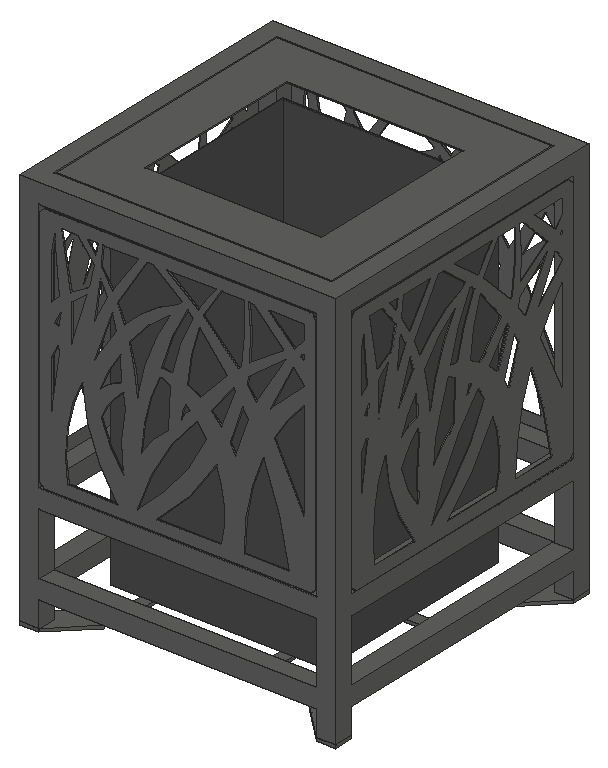
Revit family (continued)
Definition of nested family "Shell-Surface-SiteScapes-Square-TallGrass"
  Definition of nested family "Panel-SiteScapes-Tall_Grass_Detail"
    Automatic sketch dimensions
      Extrusion 1 sketch curve to Extrusion 1 sketch curve = 1' - 0.67668"
      Extrusion 1 sketch curve to Extrusion 1 sketch curve = 0' - 0.64151"
      Extrusion 1 sketch curve to Extrusion 1 sketch curve = 0' - 0.46361"
      Extrusion 1 sketch curve to Extrusion 1 sketch curve = 0' - 3.01927"
      Extrusion 1 sketch curve to Extrusion 1 sketch curve = 0' - 0.10942"
      Extrusion 1 sketch curve to Extrusion 1 sketch curve = 0' - 1.34837"
      level to Extrusion 1 sketch curve = 0' - 0.49367"
      Extrusion 1 sketch curve to Extrusion 1 sketch curve = 0' - 0.06407"
      plane 4 "Left" to Extrusion 1 sketch curve = 0' - 4.14131"
      Extrusion 1 sketch curve to plane 4 "Left" = 0' - 1.17914"
      Extrusion 1 sketch curve to Extrusion 1 sketch curve = 0' - 0.39988"
      Extrusion 1 sketch curve to Extrusion 1 sketch curve = 0' - 0.47821"
      level to Extrusion 1 sketch curve = 0' - 2.98012"
      Extrusion 1 sketch curve to Extrusion 1 sketch curve = 0' - 1.19067"
      Extrusion 1 sketch curve to Extrusion 1 sketch curve = 0' - 0.86173"
      Extrusion 1 sketch curve to plane 3 "Center (Left/Right)" = 0' - 3.51117"
      Extrusion 1 sketch curve to Extrusion 1 sketch curve = 0' - 0.6603"
      Extrusion 1 sketch curve to plane 3 "Center (Left/Right)" = 0' - 1.62"
      level to Extrusion 1 sketch curve = 0' - 4.65586"
      Extrusion 1 sketch curve to Extrusion 1 sketch curve = 0' - 0.51842"
      Extrusion 1 sketch curve to Extrusion 1 sketch curve = 0' - 2.60792"
      Extrusion 1 sketch curve to Extrusion 1 sketch curve = 0' - 0.08689"  (x2)
      Extrusion 1 sketch curve to plane 4 "Left" = 0' - 1.21508"
      Extrusion 1 sketch curve to Extrusion 1 sketch curve = 0' - 0.50379"
      Extrusion 1 sketch curve to Extrusion 1 sketch curve = 0' - 0.49276"
      Extrusion 1 sketch curve to Extrusion 1 sketch curve = 0' - 0.89144"
      Extrusion 1 sketch curve to Extrusion 1 sketch curve = 0' - 1.25968"
      Extrusion 1 sketch curve to Extrusion 1 sketch curve = 0' - 0.98717"
      Extrusion 1 sketch curve to Extrusion 1 sketch curve = 0' - 0.60924"
      Extrusion 1 sketch curve to Extrusion 1 sketch curve = 0' - 3.36379"
      Extrusion 1 sketch curve to Extrusion 1 sketch curve = 0' - 1.36127"
      Extrusion 1 sketch curve to Extrusion 1 sketch curve = 0' - 3.70352"
      plane 7 "Top" to Extrusion 1 sketch curve = 0' - 6.03521"
      Extrusion 1 sketch curve to Extrusion 1 sketch curve = 1' - 3.07911"
      Extrusion 1 sketch curve to Extrusion 1 sketch curve = 0' - 1.43928"
      Extrusion 1 sketch curve to Extrusion 1 sketch curve = 0' - 0.04809"
      Extrusion 1 sketch curve to Extrusion 1 sketch curve = 0' - 1.07829"
      Extrusion 1 sketch curve to Extrusion 1 sketch curve = 0' - 0.12207"
      Extrusion 1 sketch curve to Extrusion 1 sketch curve = 0' - 0.40819"
      Extrusion 1 sketch curve to Extrusion 1 sketch curve = 0' - 0.47075"
      Extrusion 1 sketch curve to Extrusion 1 sketch curve = 0' - 0.73745"
      Extrusion 1 sketch curve to Extrusion 1 sketch curve = 0' - 0.14668"
      Extrusion 1 sketch curve to Extrusion 1 sketch curve = 0' - 0.94217"
      Extrusion 1 sketch curve to Extrusion 1 sketch curve = 0' - 1.45268"
      Extrusion 1 sketch curve to Extrusion 1 sketch curve = 0' - 0.7433"
      plane 7 "Top" to Extrusion 1 sketch curve = 0' - 4.71825"
      Extrusion 1 sketch curve to Extrusion 1 sketch curve = 2' - 6.7751"
      Extrusion 1 sketch curve to Extrusion 1 sketch curve = 0' - 0.55878"
      Extrusion 1 sketch curve to Extrusion 1 sketch curve = 0' - 0.37694"
      Extrusion 1 sketch curve to plane 7 "Top" = 0' - 0.92437"  (x2)
      Extrusion 1 sketch curve to Extrusion 1 sketch curve = 0' - 2.86593"
      Extrusion 1 sketch curve to Extrusion 1 sketch curve = 0' - 0.88851"
      level to Extrusion 1 sketch curve = 0' - 0.5229"
      plane 5 "Right" to Extrusion 1 sketch curve = 0' - 9.24647"
      Extrusion 1 sketch curve to Extrusion 1 sketch curve = 0' - 0.56703"
      Extrusion 1 sketch curve to Extrusion 1 sketch curve = 0' - 0.46378"
      Extrusion 1 sketch curve to Extrusion 1 sketch curve = 0' - 0.37653"
      Extrusion 1 sketch curve to Extrusion 1 sketch curve = 0' - 1.68353"
      Extrusion 1 sketch curve to Extrusion 1 sketch curve = 0' - 0.63787"
      Extrusion 1 sketch curve to Extrusion 1 sketch curve = 0' - 1.82559"
      Extrusion 1 sketch curve to Extrusion 1 sketch curve = 0' - 0.35629"
      Extrusion 1 sketch curve to Extrusion 1 sketch curve = 0' - 0.36808"
      Extrusion 1 sketch curve to Extrusion 1 sketch curve = 0' - 2.57654"
      Extrusion 1 sketch curve to Extrusion 1 sketch curve = 0' - 3.56394"
      level to Extrusion 1 sketch curve = 0' - 3.46199"
      level to Extrusion 1 sketch curve = 0' - 4.33723"
      Extrusion 1 sketch curve to Extrusion 1 sketch curve = 0' - 0.46417"
      level to Extrusion 1 sketch curve = 0' - 0 15/16"  (x2)
      Extrusion 1 sketch curve to Extrusion 1 sketch curve = 0' - 1.85325"
      Extrusion 1 sketch curve to Extrusion 1 sketch curve = 0' - 0.99576"
      Extrusion 1 sketch curve to Extrusion 1 sketch curve = 0' - 3.98201"
      plane 3 "Center (Left/Right)" to Extrusion 1 sketch curve = 0' - 3.29568"
      Extrusion 1 sketch curve to plane 5 "Right" = 0' - 4.3951"
      level to Extrusion 1 sketch curve = 0' - 3.06278"
      Extrusion 1 sketch curve to Extrusion 1 sketch curve = 0' - 1.50985"
      Extrusion 1 sketch curve to Extrusion 1 sketch curve = 0' - 0.40914"
      Extrusion 1 sketch curve to Extrusion 1 sketch curve = 0' - 0.65635"
      Extrusion 1 sketch curve to Extrusion 1 sketch curve = 0' - 2.92215"
      plane 5 "Right" to Extrusion 1 sketch curve = 0' - 0.34526"
      Extrusion 1 sketch curve to Extrusion 1 sketch curve = 0' - 2 65/256"
      Extrusion 1 sketch curve to Extrusion 1 sketch curve = 0' - 1.23201"
      Extrusion 1 sketch curve to Extrusion 1 sketch curve = 0' - 0.80694"
      Extrusion 1 sketch curve to plane 3 "Center (Left/Right)" = 0' - 0.55453"
      Extrusion 1 sketch curve to Extrusion 1 sketch curve = 0' - 0.21137"
      Extrusion 1 sketch curve to Extrusion 1 sketch curve = 0' - 2.52769"
      Extrusion 1 sketch curve to Extrusion 1 sketch curve = 0' - 1.41485"
      Extrusion 1 sketch curve to Extrusion 1 sketch curve = 0' - 0.28387"
      Extrusion 1 sketch curve to Extrusion 1 sketch curve = 0' - 0.11825"
      Extrusion 1 sketch curve to Extrusion 1 sketch curve = 0' - 0.60498"
      Extrusion 1 sketch curve to Extrusion 1 sketch curve = 0' - 1.48066"
      Extrusion 1 sketch curve to Extrusion 1 sketch curve = 0' - 0.95279"
      Extrusion 1 sketch curve to Extrusion 1 sketch curve = 0' - 1.72369"
      Extrusion 1 sketch curve to Extrusion 1 sketch curve = 0' - 0.97032"
      Extrusion 1 sketch curve to Extrusion 1 sketch curve = 0' - 0.34959"
      Extrusion 1 sketch curve to plane 3 "Center (Left/Right)" = 0' - 0.46578"
      Extrusion 1 sketch curve to Extrusion 1 sketch curve = 0' - 0.83759"
      Extrusion 1 sketch curve to Extrusion 1 sketch curve = 0' - 1.30941"
      Extrusion 1 sketch curve to Extrusion 1 sketch curve = 0' - 0.1188"
      plane 4 "Left" to Extrusion 1 sketch curve = 0' - 4.04068"
      Extrusion 1 sketch curve to Extrusion 1 sketch curve = 0' - 1 133/256"
      plane 3 "Center (Left/Right)" to Extrusion 1 sketch curve = 0' - 1.53546"
      Extrusion 1 sketch curve to Extrusion 1 sketch curve = 0' - 0.75117"
      plane 5 "Right" to Extrusion 1 sketch curve = 0' - 5.05936"
      Extrusion 1 sketch curve to level = 0' - 4.94728"
      level to Extrusion 1 sketch curve = 0' - 1.11288"
      Extrusion 1 sketch curve to Extrusion 1 sketch curve = 0' - 1.09254"
      Extrusion 1 sketch curve to Extrusion 1 sketch curve = 0' - 1.0198"
      Extrusion 1 sketch curve to Extrusion 1 sketch curve = 0' - 0.68566"
      Extrusion 1 sketch curve to plane 3 "Center (Left/Right)" = 0' - 0.76329"
      Extrusion 1 sketch curve to plane 3 "Center (Left/Right)" = 0' - 0.60482"
      level to Extrusion 1 sketch curve = 0' - 0.10463"
      Extrusion 1 sketch curve to Extrusion 1 sketch curve = 0' - 1.78452"
      Extrusion 1 sketch curve to Extrusion 1 sketch curve = 0' - 1.58909"
      Extrusion 1 sketch curve to Extrusion 1 sketch curve = 0' - 0.87578"
      Extrusion 1 sketch curve to Extrusion 1 sketch curve = 0' - 1.81167"
      Extrusion 1 sketch curve to Extrusion 1 sketch curve = 0' - 0.78819"
      Extrusion 1 sketch curve to Extrusion 1 sketch curve = 0' - 0.43518"
      Extrusion 1 sketch curve to Extrusion 1 sketch curve = 0' - 0.25367"
      Extrusion 1 sketch curve to Extrusion 1 sketch curve = 0' - 0.27027"
      Extrusion 1 sketch curve to Extrusion 1 sketch curve = 0' - 0.85587"
      Extrusion 1 sketch curve to Extrusion 1 sketch curve = 0' - 0.03101"
      Extrusion 1 sketch curve to Extrusion 1 sketch curve = 0' - 1.5502"
      Extrusion 1 sketch curve to Extrusion 1 sketch curve = 0' - 0.78844"
      Extrusion 1 sketch curve to Extrusion 1 sketch curve = 0' - 1.63951"
      Extrusion 1 sketch curve to Extrusion 1 sketch curve = 0' - 0.03888"
      Extrusion 1 sketch curve to Extrusion 1 sketch curve = 0' - 0.17392"
      Extrusion 1 sketch curve to Extrusion 1 sketch curve = 0' - 0.22744"
      Extrusion 1 sketch curve to Extrusion 1 sketch curve = 0' - 0.50692"
      level to Extrusion 1 sketch curve = 0' - 1.24281"
      Extrusion 1 sketch curve to Extrusion 1 sketch curve = 0' - 2.35542"
      Extrusion 1 sketch curve to Extrusion 1 sketch curve = 0' - 0.83287"
      Extrusion 1 sketch curve to level = 0' - 2.49902"
      Extrusion 1 sketch curve to Extrusion 1 sketch curve = 0' - 0.06863"
      Extrusion 1 sketch curve to Extrusion 1 sketch curve = 0' - 1.09894"
      Extrusion 1 sketch curve to plane 5 "Right" = 0' - 0 15/16"  (x3)
      Extrusion 1 sketch curve to Extrusion 1 sketch curve = 0' - 0.00078"
      Extrusion 1 sketch curve to Extrusion 1 sketch curve = 0' - 2.8566"
      Extrusion 1 sketch curve to Extrusion 1 sketch curve = 0' - 0 1/32"
      Extrusion 1 sketch curve to Extrusion 1 sketch curve = 0' - 0.15736"
      Extrusion 1 sketch curve to Extrusion 1 sketch curve = 0' - 0.00837"
      Extrusion 1 sketch curve to Extrusion 1 sketch curve = 0' - 1.49485"
      Extrusion 1 sketch curve to Extrusion 1 sketch curve = 0' - 1.40211"
      Extrusion 1 sketch curve to Extrusion 1 sketch curve = 0' - 0.44585"
      level to Extrusion 1 sketch curve = 0' - 0.34943"
      Extrusion 1 sketch curve to Extrusion 1 sketch curve = 0' - 7.56431"
      Extrusion 1 sketch curve to Extrusion 1 sketch curve = 0' - 0.12817"
      Extrusion 1 sketch curve to Extrusion 1 sketch curve = 0' - 1.17731"
      Extrusion 1 sketch curve to Extrusion 1 sketch curve = 0' - 0.42691"
      Extrusion 1 sketch curve to Extrusion 1 sketch curve = 0' - 0.78661"
      Extrusion 1 sketch curve to Extrusion 1 sketch curve = 0' - 0.48063"
      Extrusion 1 sketch curve to Extrusion 1 sketch curve = 0' - 0.35633"
      Extrusion 1 sketch curve to Extrusion 1 sketch curve = 0' - 0.95454"
      Extrusion 1 sketch curve to Extrusion 1 sketch curve = 0' - 0.13944"
      Extrusion 1 sketch curve to Extrusion 1 sketch curve = 0' - 0.56763"
      Extrusion 1 sketch curve to Extrusion 1 sketch curve = 0' - 0.00184"
      Extrusion 1 sketch curve to Extrusion 1 sketch curve = 0' - 0.88402"
      Extrusion 1 sketch curve to Extrusion 1 sketch curve = 0' - 0.15644"
      Extrusion 1 sketch curve to Extrusion 1 sketch curve = 0' - 0.72152"
      Extrusion 1 sketch curve to level = 0' - 0.96245"
      plane 3 "Center (Left/Right)" to Extrusion 1 sketch curve = 0' - 0.75521"
      Extrusion 1 sketch curve to Extrusion 1 sketch curve = 0' - 0.86343"
      Extrusion 1 sketch curve to Extrusion 1 sketch curve = 0' - 0.47443"
      Extrusion 1 sketch curve to Extrusion 1 sketch curve = 0' - 0.60658"
      Extrusion 1 sketch curve to Extrusion 1 sketch curve = 0' - 3.00544"
      Extrusion 1 sketch curve to Extrusion 1 sketch curve = 0' - 0.63172"
      plane 3 "Center (Left/Right)" to Extrusion 1 sketch curve = 0' - 1.70903"
      Extrusion 1 sketch curve to Extrusion 1 sketch curve = 0' - 2.7049"
      Extrusion 1 sketch curve to Extrusion 1 sketch curve = 0' - 1.58794"
      plane 3 "Center (Left/Right)" to Extrusion 1 sketch curve = 0' - 0.27188"
      plane 3 "Center (Left/Right)" to Extrusion 1 sketch curve = 0' - 0.61261"
      Extrusion 1 sketch curve to Extrusion 1 sketch curve = 0' - 0.42506"
      Extrusion 1 sketch curve to Extrusion 1 sketch curve = 0' - 0.46845"
      Extrusion 1 sketch curve to Extrusion 1 sketch curve = 0' - 0.74638"
      Extrusion 1 sketch curve to Extrusion 1 sketch curve = 0' - 0.61688"
      Extrusion 1 sketch curve to Extrusion 1 sketch curve = 0' - 0.63154"
      Extrusion 1 sketch curve to Extrusion 1 sketch curve = 0' - 0.34569"
      Extrusion 1 sketch curve to plane 5 "Right" = 0' - 1.78474"
      Extrusion 1 sketch curve to Extrusion 1 sketch curve = 0' - 0.13108"
      Extrusion 1 sketch curve to plane 3 "Center (Left/Right)" = 0' - 0.4387"
      plane 3 "Center (Left/Right)" to Extrusion 1 sketch curve = 0' - 0.80127"
      Extrusion 1 sketch curve to Extrusion 1 sketch curve = 0' - 0.4354"
      Extrusion 1 sketch curve to Extrusion 1 sketch curve = 0' - 1.96723"
      Extrusion 1 sketch curve to Extrusion 1 sketch curve = 0' - 0.17368"
      Extrusion 1 sketch curve to Extrusion 1 sketch curve = 0' - 0.90696"
      Extrusion 1 sketch curve to Extrusion 1 sketch curve = 0' - 0.74524"
      Extrusion 1 sketch curve to Extrusion 1 sketch curve = 0' - 0.6008"
      plane 3 "Center (Left/Right)" to Extrusion 1 sketch curve = 0' - 0.09784"
      Extrusion 1 sketch curve to Extrusion 1 sketch curve = 0' - 0.56726"
      Extrusion 1 sketch curve to Extrusion 1 sketch curve = 0' - 0.43835"
      Extrusion 1 sketch curve to Extrusion 1 sketch curve = 0' - 0.66449"
      Extrusion 1 sketch curve to Extrusion 1 sketch curve = 0' - 0.62101"
      Extrusion 1 sketch curve to Extrusion 1 sketch curve = 0' - 0.0065"
      Extrusion 1 sketch curve to Extrusion 1 sketch curve = 0' - 0.01412"
      Extrusion 1 sketch curve to Extrusion 1 sketch curve = 0' - 0.47118"
      plane 3 "Center (Left/Right)" to Extrusion 1 sketch curve = 0' - 0.35379"
      Extrusion 1 sketch curve to plane 3 "Center (Left/Right)" = 0' - 0.8829"
      Extrusion 1 sketch curve to Extrusion 1 sketch curve = 0' - 0.41217"
      Extrusion 1 sketch curve to Extrusion 1 sketch curve = 0' - 1.43854"
      plane 5 "Right" to Extrusion 1 sketch curve = 0' - 0.71425"
      Extrusion 1 sketch curve to Extrusion 1 sketch curve = 0' - 0.32135"
      Extrusion 1 sketch curve to Extrusion 1 sketch curve = 0' - 0.37141"
      Extrusion 1 sketch curve to Extrusion 1 sketch curve = 0' - 0.86508"
      Extrusion 1 sketch curve to Extrusion 1 sketch curve = 0' - 1.61658"
      Extrusion 1 sketch curve to Extrusion 1 sketch curve = 0' - 0.26345"
      Extrusion 1 sketch curve to Extrusion 1 sketch curve = 0' - 0.77811"
      Extrusion 1 sketch curve to Extrusion 1 sketch curve = 0' - 1.79846"
      Extrusion 1 sketch curve to Extrusion 1 sketch curve = 0' - 0.21064"
      Extrusion 1 sketch curve to Extrusion 1 sketch curve = 0' - 0.17809"
      Extrusion 1 sketch curve to Extrusion 1 sketch curve = 0' - 0.00004"
      Extrusion 1 sketch curve to Extrusion 1 sketch curve = 0' - 0.33904"
      Extrusion 1 sketch curve to Extrusion 1 sketch curve = 0' - 0.70208"
      Extrusion 1 sketch curve to Extrusion 1 sketch curve = 0' - 0.33018"
      Extrusion 1 sketch curve to Extrusion 1 sketch curve = 0' - 0.56404"
      Extrusion 1 sketch curve to Extrusion 1 sketch curve = 0' - 0.9734"
      Extrusion 1 sketch curve to plane 5 "Right" = 0' - 2.5133"
      Extrusion 1 sketch curve to Extrusion 1 sketch curve = 0' - 1.85915"
      Extrusion 1 sketch curve to Extrusion 1 sketch curve = 0' - 4.07656"
      Extrusion 1 sketch curve to Extrusion 1 sketch curve = 0' - 1.12037"
      Extrusion 1 sketch curve to Extrusion 1 sketch curve = 0' - 0.85006"
      Extrusion 1 sketch curve to Extrusion 1 sketch curve = 0' - 7.33588"
      Extrusion 1 sketch curve to Extrusion 1 sketch curve = 0' - 0.46263"
      Extrusion 1 sketch curve to Extrusion 1 sketch curve = 0' - 0.82228"
      Extrusion 1 sketch curve to Extrusion 1 sketch curve = 0' - 0.07526"
      Extrusion 1 sketch curve to Extrusion 1 sketch curve = 0' - 0.33703"
      Extrusion 1 sketch curve to Extrusion 1 sketch curve = 0' - 0.17638"
      Extrusion 1 sketch curve to Extrusion 1 sketch curve = 0' - 0.13707"
      Extrusion 1 sketch curve to level = 0' - 1.48805"
      Extrusion 1 sketch curve to Extrusion 1 sketch curve = 0' - 8.788"
      Extrusion 1 sketch curve to Extrusion 1 sketch curve = 0' - 0.46147"
      Extrusion 1 sketch curve to Extrusion 1 sketch curve = 0' - 0.70544"
      Extrusion 1 sketch curve to Extrusion 1 sketch curve = 0' - 0.09824"
      Extrusion 1 sketch curve to Extrusion 1 sketch curve = 0' - 0.26011"
      Extrusion 1 sketch curve to Extrusion 1 sketch curve = 0' - 0.84923"
      Extrusion 1 sketch curve to Extrusion 1 sketch curve = 0' - 0.63408"
      Extrusion 1 sketch curve to Extrusion 1 sketch curve = 0' - 0.74818"
      Extrusion 1 sketch curve to Extrusion 1 sketch curve = 0' - 1.11315"
      Extrusion 1 sketch curve to Extrusion 1 sketch curve = 0' - 0.46984"
      Extrusion 1 sketch curve to level = 0' - 0.52471"
      Extrusion 1 sketch curve to Extrusion 1 sketch curve = 0' - 1.21626"
      Extrusion 1 sketch curve to Extrusion 1 sketch curve = 0' - 0.05732"
      plane 4 "Left" to curve 19 = 0' - 0"
      curve 3 to plane 7 "Top" = 0' - 0"
      curve 8 to level = 0' - 0"
      curve 10 to plane 5 "Right" = 0' - 0"
      plane 4 "Left" to curve 13 = 0' - 3.80453"
      plane 4 "Left" to curve 12 = 0' - 5.35592"
      curve 9 to curve 12 = 0' - 0.76055"
      level to curve 22 = 0' - 5.09629"
      plane 7 "Top" to curve 19 = 0' - 1.53645"
      curve 26 to plane 4 "Left" = 0' - 0.13347"
      curve 26 to plane 4 "Left" = 0' - 0.26509"
      curve 3 to plane 4 "Left" = 0' - 0 3/8"
      curve 8 to plane 4 "Left" = 0' - 0 3/8"
      curve 2 to curve 24 = 0' - 0.73937"
      curve 24 to plane 4 "Left" = 0' - 1.11437"
      curve 26 to plane 4 "Left" = 0' - 2.26935"
      curve 24 to curve 22 = 0' - 1.27243"
      curve 26 to curve 23 = 0' - 1.31999"
      curve 26 to curve 20 = 0' - 1.70419"
      curve 20 to curve 21 = 0' - 0.31543"
      curve 18 to curve 25 = 0' - 0.72808"
      curve 22 to curve 19 = 0' - 2.31926"
      curve 20 to curve 25 = 0' - 2.50531"
      curve 13 to plane 3 "Center (Left/Right)" = 0' - 3 15/16"
      curve 25 to curve 21 = 0' - 0.63855"
      level to curve 18 = 0' - 0.77976"
      curve 19 to curve 9 = 0' - 2.87731"
      curve 18 to curve 14 = 0' - 0.49384"
      curve 14 to curve 17 = 0' - 0.02724"
      curve 23 to plane 7 "Top" = 0' - 0.5954"
      curve 9 to curve 23 = 0' - 1.01034"
      curve 14 to plane 3 "Center (Left/Right)" = 0' - 1.80104"
      curve 21 to plane 3 "Center (Left/Right)" = 0' - 1.36687"
      plane 3 "Center (Left/Right)" to curve 20 = 0' - 0.39646"
      plane 3 "Center (Left/Right)" to curve 17 = 0' - 0.89222"
      plane 3 "Center (Left/Right)" to curve 16 = 0' - 1.88633"
      curve 16 to curve 15 = 0' - 0.01963"
      plane 3 "Center (Left/Right)" to curve 20 = 0' - 3.48716"
      plane 3 "Center (Left/Right)" to curve 10 = 0' - 4.3509"
      curve 20 to curve 14 = 0' - 1.19078"
      plane 3 "Center (Left/Right)" to curve 12 = 0' - 5 3/16"
      curve 20 to curve 11 = 0' - 1.79057"
      curve 13 to plane 7 "Top" = 0' - 0.3276"
      curve 12 to curve 13 = 0' - 0.4089"
      curve 15 to plane 5 "Right" = 0' - 2.02042"
      curve 3 to plane 5 "Right" = 0' - 0 3/8"
      plane 5 "Right" to curve 18 = 0' - 1.46494"
      plane 5 "Right" to curve 16 = 0' - 1.89405"
      curve 15 to level = 0' - 1.83319"
      curve 16 to curve 15 = 0' - 6.73826"
      level to curve 10 = 0' - 1.23001"
      curve 17 to curve 11 = 0' - 2.12497"
      curve 23 to level = 0' - 3.68465"
      level to curve 8 = 0' - 0 3/8"
      level to curve 5 = 0' - 0 3/8"
      curve 17 to curve 11 = 0' - 1.145"
      curve 25 to curve 21 = 0' - 1.10944"
      curve 26 to curve 25 = 0' - 1.74252"
      curve 26 to curve 23 = 0' - 0.8049"
      curve 2 to plane 7 "Top" = 0' - 0 3/8"
      curve 4 to plane 7 "Top" = 0' - 0 3/8"
Definition of nested family "Lid-Flat_Top-SiteScapes-Square"
  Parameters (values of type "24"")
    Width = 1' - 9 13/16"
    Product Page URL = ""
    Product Documentation Link = ""
    Material = none
    Height = 0' - 0.06"
    Copyright © = ""
    Assembly Code = ""
  Reference planes (in)
    plane 1 "Center (Front/Back)": y = 0
    plane 2 "Original Bottom": z = 0
    plane 3 "Center (Left/Right)": x = 0
    plane 4 "Left": x = -10.90625
    plane 5 "Right": x = 10.90625
    plane 6 "Front": y = -10.90625
    plane 7 "Top": z = 0.06
    plane 8 "Back": y = 10.90625
    plane 9 "Opening Back": y = 7
    plane 10 "Opening Front": y = -7
    plane 11 "Opening Left": x = -7
    plane 12 "Opening Right": x = 7
  Forms (in)
    Extrusion 1, solid, material <- "Material", detail levels medium+fine
      sketch origin (0, 0, 0.06) x (0, -1, 0) y (1, 0, 0)
        loop
          line (-10.90625, -10.90625) -> (10.90625, -10.90625) -> (10.90625, 10.90625) -> (-10.90625, 10.90625) -> (-10.90625, -10.90625)
        loop
          line (-7, -7) -> (7, -7) -> (7, 7) -> (-7, 7) -> (-7, -7)
      from -0.06 to 0
  Lines and regions (in)
    Masking region 1
      outline origin (0, 0, 0) x (1, 0, 0) y (0, 1, 0)
        loop
          line (-10.90625, 10.90625) -> (-10.90625, -10.90625) -> (10.90625, -10.90625) -> (10.90625, 10.90625) -> (-10.90625, 10.90625)
        loop
          line (-7, 7) -> (-7, -7) -> (7, -7) -> (7, 7) -> (-7, 7)
    Masking region 2
      outline origin (0, 0, 0) x (0, 1, 0) y (0, 0, 1)
        loop
          line (-10.90625, 0.06) -> (-10.90625, 0) -> (10.90625, 0) -> (10.90625, 0.06) -> (-10.90625, 0.06)
    Masking region 3
      outline origin (0, 0, 0) x (1, 0, 0) y (0, 0, 1)
        loop
          line (-10.90625, 0.06) -> (-10.90625, 0) -> (10.90625, 0) -> (10.90625, 0.06) -> (-10.90625, 0.06)
    model lines, detail levels coarse
      curve 1: line (-10.90625, 10.90625, 0.06) -> (10.90625, 10.90625, 0.06)
      curve 2: line (-10.90625, -10.90625, 0.06) -> (-10.90625, 10.90625, 0.06)
      curve 3: line (10.90625, -10.90625, 0.06) -> (-10.90625, -10.90625, 0.06)
      curve 4: line (10.90625, 10.90625, 0.06) -> (10.90625, -10.90625, 0.06)
      curve 5: line (-7, 7, 0.06) -> (7, 7, 0.06)
      curve 6: line (-7, -7, 0.06) -> (-7, 7, 0.06)
      curve 7: line (7, -7, 0.06) -> (-7, -7, 0.06)
      curve 8: line (7, 7, 0.06) -> (7, -7, 0.06)
  Dimensions and locks (in)
    equal spacing: plane 4 "Left", plane 3 "Center (Left/Right)", plane 5 "Right"
    "Height": plane 7 "Top" to plane 2 "Original Bottom"
    equal spacing: plane 8 "Back", plane 1 "Center (Front/Back)", plane 6 "Front"
    plane 7 "Top" to plane 2 "Original Bottom" = 0' - 0.06"
    "Width": plane 8 "Back" to plane 6 "Front"
    "Width": plane 4 "Left" to plane 5 "Right"
    equal spacing: plane 9 "Opening Back", plane 1 "Center (Front/Back)", plane 10 "Opening Front"
    locked: plane 9 "Opening Back" to plane 10 "Opening Front" at 14
    equal spacing: plane 11 "Opening Left", plane 3 "Center (Left/Right)", plane 12 "Opening Right"
    locked: plane 11 "Opening Left" to plane 12 "Opening Right" at 14
    aligned and locked: plane 2 "Original Bottom" to level
    aligned and locked: plane 9 "Opening Back" to Extrusion 1
    aligned and locked: plane 10 "Opening Front" to Extrusion 1
    aligned and locked: Extrusion 1 to plane 6 "Front"
    aligned and locked: plane 4 "Left" to Extrusion 1
    aligned and locked: Extrusion 1 to plane 11 "Opening Left"
    aligned and locked: Extrusion 1 to plane 12 "Opening Right"
    aligned and locked: plane 5 "Right" to Extrusion 1
    aligned and locked: Extrusion 1 to plane 2 "Original Bottom"
    aligned and locked: plane 7 "Top" to Extrusion 1
    aligned and locked: plane 8 "Back" to Extrusion 1 sketch curve
    aligned and locked: plane 8 "Back" to Masking region 1 sketch curve
    aligned and locked: plane 6 "Front" to Masking region 1 sketch curve
    aligned and locked: Masking region 1 sketch curve to plane 5 "Right"
    aligned and locked: Masking region 1 sketch curve to plane 4 "Left"
    aligned and locked: Masking region 1 sketch curve to plane 11 "Opening Left"
    aligned and locked: Masking region 1 sketch curve to plane 12 "Opening Right"
    aligned and locked: plane 9 "Opening Back" to Masking region 1 sketch curve
    aligned and locked: plane 10 "Opening Front" to Masking region 1 sketch curve
    aligned and locked: Masking region 2 sketch curve to plane 7 "Top"
    aligned and locked: plane 2 "Original Bottom" to Masking region 2 sketch curve
    aligned and locked: plane 8 "Back" to Masking region 2 sketch curve
    aligned and locked: plane 6 "Front" to Masking region 2 sketch curve
    aligned and locked: Masking region 3 sketch curve to plane 7 "Top"
    aligned and locked: plane 2 "Original Bottom" to Masking region 3 sketch curve
    aligned and locked: curve 2 to plane 4 "Left"
    aligned and locked: curve 4 to plane 5 "Right"
    aligned and locked: plane 8 "Back" to curve 1
    aligned and locked: plane 6 "Front" to curve 3
    aligned and locked: plane 10 "Opening Front" to curve 7
    aligned and locked: plane 9 "Opening Back" to curve 5
    aligned and locked: curve 8 to plane 12 "Opening Right"
    aligned and locked: curve 6 to plane 11 "Opening Left"
  Automatic sketch dimensions
    Extrusion 1 sketch curve to plane 5 "Right" = 0' - 0"
    plane 9 "Opening Back" to Extrusion 1 sketch curve = 0' - 0"
    Extrusion 1 sketch curve to plane 10 "Opening Front" = 0' - 0"
    Extrusion 1 sketch curve to plane 6 "Front" = 0' - 0"
    Extrusion 1 sketch curve to plane 4 "Left" = 0' - 0"
    Extrusion 1 sketch curve to plane 11 "Opening Left" = 0' - 0"
    Extrusion 1 sketch curve to plane 12 "Opening Right" = 0' - 0"
    plane 4 "Left" to Masking region 3 sketch curve = 0' - 0"
    plane 5 "Right" to Masking region 3 sketch curve = 0' - 0"
Types (3): name | Type Comments | Product Documentation Link | Model | 03 Lid Type
  TG2-2000 | "36. Gal Square, Capacity,Flat Top" | "http://www.sitescapesonline.com/pdf/TG2-2000%20-%20Customer%20Print.PDF" | "TG2-2000" | Lid-Flat_Top-SiteScapes-Square : 24"
  TG2-2001 | "36. Gal Square, Capacity,Dome Top" | "http://www.sitescapesonline.com/pdf/TG2-2001%20-%20Customer%20Print.PDF" | "TG2-2001" | Lid-Dome_Top-SiteScapes-Square : 24"
  TG2-2002 | "36 Gal. Square, Capacity,Ash Top" | "http://www.sitescapesonline.com/pdf/TG2-2002%20-%20Customer%20Print.PDF" | "TG2-2002" | Lid-Ash_Top-SiteScapes-Square : 24"
